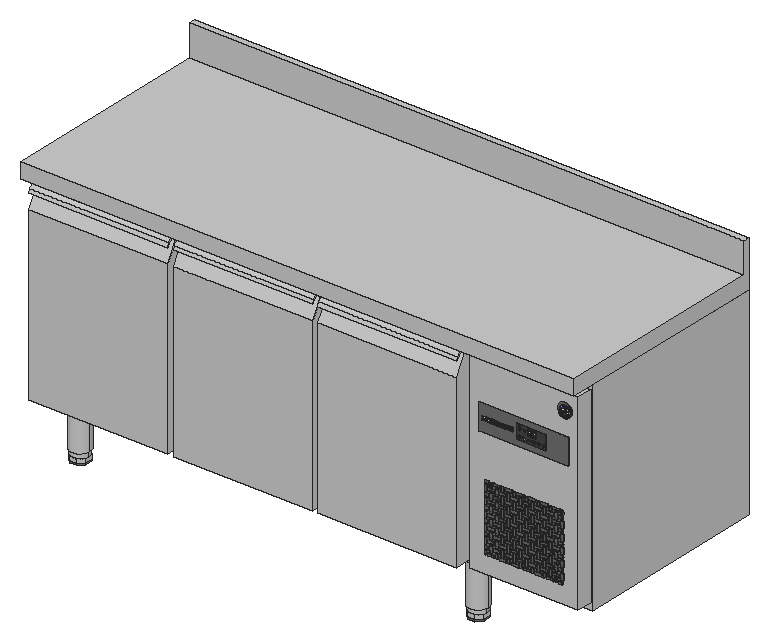
Revit family "QF_HOSHIZAKI_899020844", category Specialty Equipment, Revit 2016
Family settings
  Part Type = Normal
  Round Connector Dimension = Use Diameter
  OmniClass Number = 23.40.40.14
  OmniClass Title = Food Service Equipment
  Work Plane-Based = No
  Always vertical = Yes
  Cut with Voids When Loaded = No
  Shared = No
  Room Calculation Point = No
Parameters (values of type "899020844_230V-1Ph-50Hz")
  Weight = 130.00 kg
  Volts = 230 V
  URL Cutsheet = ""
  URL = "www.hoshizaki-europe.com"
  Status [instance] = ""
  Specification by User [instance] = ""
  Specification by Manufacturer [instance] = ""
  Serial Number = ""
  Seismic Rating = ""
  SMACNA No = ""
  Revision Code [instance] = ""
  Phase = 1
  Number of Poles = 2
  NAFEM Spec ID Number = ""
  Model = "ACF-180DG-LRR-RRS-L1"
  Min Ckt Ampacity = 0 A
  Max Overcurrent Protection = 0 A
  Masterspec = ""
  Manufacturer = "HOSHIZAKI"
  Length Actual = 1780 mm
  Item Number [instance] = ""
  Installed By [instance] = ""
  Identify Quantity as Lot [instance] = no
  Height Actual = 850 mm
  HP power = ""
  Furnished By [instance] = ""
  Foodservice Equipment Identifier [instance] = yes
  FL Amps = 2.77 A
  Electric power = 639 W
  Electric Connection Type [instance] = ""
  Elec Conn RI Height [instance] = 0 mm
  Elec Conn Connection Height [instance] = 300 mm
  Description = "ADVANCE 3-SECTION 1/1 GN FREEZER COUNTER WITH 3 DOORS AND A FLAT WORKTOP WITH 100 MM SPLASHBACK"
  Depth Actual = 700 mm
  Cycle = 50 Hz
  Cost = 0
  Conn Plug = ""
  Conn Conduit = no
  CSI MasterFormat = ""
  Assembly Code = "E1090320"
  Apparent Power = 639 VA
  Accessory = no
Reference planes
  plane 1 "Center (Front/Back)": y = 0
  plane 2: z = 0
  plane 3 "Center (Left/Right)": x = 0
Forms (mm)
  Extrusion 1, solid, not visible
    sketch origin (1499, -17, 499) x (1, 0, 0) y (0, 1, 0)
      loop
        line (0, 0) -> (2, 0) -> (2, 2) -> (0, 2) -> (0, 0)
    from 0 to 2
Dimensions and locks
  aligned and locked: level to plane 2
Nested families
  nested 1: "QF_HOSHIZAKI_899020844_230V_1Ph_50Hz" at (0, 0, 200), type "899020844_230V/1Ph/50Hz"
    with Show Logo yes, Length Actual 1780 mm, Height Actual 650 mm, Depth Actual 700 mm, Compressor offset 1424 mm, Compressor location 1
  nested 2: "QF_HOSHIZAKI_ADVANCE_REF-COUNTER-WORKTOPS" at (0, 0, 850), type "760660205"
    with Worktop thickness 50 mm, Length Actual 1780 mm, Depth Actual 700 mm, Backsplash thickness 20 mm, Backsplash height 100 mm
  nested 3: "QF_HOSHIZAKI_ADVANCE_REF-COUNTER-DOORS-DRAWERS" at (22, -700, 200), type "760660485-R"
    with Weight 0.00 kg, URL Cutsheet "", Status "", Specification by User "", Specification by Manufacturer "", Serial Number "", Seismic Rating "", Section size 446 mm, Section 1, SMACNA No "", Right hand hinged glass door no, Right hand hinged door no, Revision Code "", NAFEM Spec ID Number "", Masterspec "", Length Actual 0 mm, Left hand hinged glass door no, Left hand hinged door yes, Item Number "", Installed By "", Identify Quantity as Lot no, Height Actual 0 mm, Furnished By "", Foodservice Equipment Identifier no, Depth Actual 0 mm, CSI MasterFormat "", Accessory yes, 3 Drawers no, 2 Drawers 1-3 and 2-3 no, 2 Drawers no
  nested 4: "QF_HOSHIZAKI_ADVANCE_REF-COUNTER-DOORS-DRAWERS" at (488, -700, 200), type "760660485-R"
    with Weight 0.00 kg, URL Cutsheet "", Status "", Specification by User "", Specification by Manufacturer "", Serial Number "", Seismic Rating "", Section size 446 mm, Section 2, SMACNA No "", Right hand hinged glass door no, Right hand hinged door yes, Revision Code "", NAFEM Spec ID Number "", Masterspec "", Length Actual 0 mm, Left hand hinged glass door no, Left hand hinged door no, Item Number "", Installed By "", Identify Quantity as Lot no, Height Actual 0 mm, Furnished By "", Foodservice Equipment Identifier no, Depth Actual 0 mm, CSI MasterFormat "", Accessory yes, 3 Drawers no, 2 Drawers 1-3 and 2-3 no, 2 Drawers no
  nested 5: "QF_HOSHIZAKI_ADVANCE_REF-COUNTER-DOORS-DRAWERS" at (952, -700, 200), type "760660485-R"
    with Weight 0.00 kg, URL Cutsheet "", Status "", Specification by User "", Specification by Manufacturer "", Serial Number "", Seismic Rating "", Section size 446 mm, Section 2, SMACNA No "", Right hand hinged glass door no, Right hand hinged door yes, Revision Code "", NAFEM Spec ID Number "", Masterspec "", Length Actual 0 mm, Left hand hinged glass door no, Left hand hinged door no, Item Number "", Installed By "", Identify Quantity as Lot no, Height Actual 0 mm, Furnished By "", Foodservice Equipment Identifier no, Depth Actual 0 mm, CSI MasterFormat "", Accessory yes, 3 Drawers no, 2 Drawers 1-3 and 2-3 no, 2 Drawers no
  nested 6: "QF_HOSHIZAKI_ADVANCE_REF-COUNTER-LEGS" at (0, 0, 0), type "760660117-3"
    with Weight 0.00 kg, URL Cutsheet "", Status "", Specification by User "", Specification by Manufacturer "", Serial Number "", Seismic Rating "", SMACNA No "", Revision Code "", NAFEM Spec ID Number "", Masterspec "", Length Actual 1780 mm, Legs inset right 430 mm, Legs inset rear 70 mm, Legs inset left 70 mm, Legs inset front 153 mm, Item Number "", Installed By "", Identify Quantity as Lot no, Height Actual 200 mm, Furnished By "", Foodservice Equipment Identifier no, Depth Actual 700 mm, Central Legs no, CSI MasterFormat "", Accessory yes
Connectors
  electrical at (1500, -15, 500), driven by "Apparent Power", driven by "Number of Poles", driven by "Volts"
    settings: on Extrusion 1, index 1, voltage 230 V, apparent load 0 VA, apparent load phase1 639 VA, apparent load phase2 0 VA, apparent load phase3 0 VA, power factor 1, load classification "Other", number of poles 2, system type 31, power factor state 1, is connector primary yes, connector utility no, sub classification motor no, connector description "Electric connection for '899020844' [Plug not included]"
Definition of nested family "QF_HOSHIZAKI_899020844_230V_1Ph_50Hz"
  Parameters (values of type "899020844_230V/1Ph/50Hz")
    URL = "www.hoshizaki-europe.com"
    Show Logo [instance] = yes
    Model = "ACF-180DG-LRR-RRS-L1"
    Manufacturer = "HOSHIZAKI"
    Length Actual [instance] = 1780 mm
    Height Actual [instance] = 650 mm
    Description = "ADVANCE 3-SECTION 1/1 GN FREEZER COUNTER WITH 3 DOORS AND A FLAT WORKTOP WITH 100 MM SPLASHBACK"
    Depth Actual [instance] = 700 mm
    Compressor offset [instance] = if(Compressor location = 1, Length Actual - 356 mm, if(Compressor location = 2, 7 mm, Length Actual - 356 mm))  # 1424 mm
    Compressor location [instance] = 1
    Author = "SPECIFI"
    Assembly Code = "E1090320"
  Types (24, lengths in mm): name | Model | Length Actual | Description | Compressor offset
    899000840 | "ACF-130DG-LR-RRC-L1" | 1314 | "ADVANCE 2-SECTION 1/1 GN FREEZER COUNTER WITH 2 DOORS AND A FLAT WORKTOP" | 958
    899000844 | "ACF-130DG-LR-RRS-L1" | 1314 | "ADVANCE 2-SECTION 1/1 GN FREEZER COUNTER WITH 2 DOORS AND A FLAT WORKTOP WITH 100 MM SPLASHBACK" | 958
    899000861 | "ACF-130DG-LR-RRC-C1-U" | 1314 | "ADVANCE 2-SECTION 1/1 GN FREEZER COUNTER WITH 2 DOORS AND A FLAT WORKTOP" | 958
    899000865 | "ACF-130DG-LR-RRS-C1-U" | 1314 | "ADVANCE 2-SECTION 1/1 GN FREEZER COUNTER WITH 2 DOORS AND A FLAT WORKTOP WITH 100 MM SPLASHBACK" | 958
    899000842 | "ACF-130DG-LR-RRC-L2" | 1314 | "ADVANCE 2-SECTION 1/1 GN FREEZER COUNTER WITH 2 DOORS AND A FLAT WORKTOP" | 958
    899000846 | "ACF-130DG-LR-RRS-L2" | 1314 | "ADVANCE 2-SECTION 1/1 GN FREEZER COUNTER WITH 2 DOORS AND A FLAT WORKTOP WITH 100 MM SPLASHBACK" | 958
    899000822 | "ACF-130DG-LR-CRC-L2" | 1314 | "ADVANCE 2-SECTION 1/1 GN FREEZER COUNTER WITH 2 DOORS AND A FLAT WORKTOP" | 958
    899000826 | "ACF-130DG-LR-CRS-L2" | 1314 | "ADVANCE 2-SECTION 1/1 GN FREEZER COUNTER WITH 2 DOORS AND A FLAT WORKTOP WITH 100 MM SPLASHBACK" | 958
    899020840 | "ACF-180DG-LRR-RRC-L1" | 1780 | "ADVANCE 3-SECTION 1/1 GN FREEZER COUNTER WITH 3 DOORS AND A FLAT WORKTOP" | 1424
    899020844_230V/1Ph/50Hz | "ACF-180DG-LRR-RRS-L1" | 1780 | "ADVANCE 3-SECTION 1/1 GN FREEZER COUNTER WITH 3 DOORS AND A FLAT WORKTOP WITH 100 MM SPLASHBACK" | 1424
    899020861 | "ACF-180DG-LRR-RRC-C1-U" | 1780 | "ADVANCE 3-SECTION 1/1 GN FREEZER COUNTER WITH 3 DOORS AND A FLAT WORKTOP" | 1424
    899020865 | "ACF-180DG-LRR-RRS-C1-U" | 1780 | "ADVANCE 3-SECTION 1/1 GN FREEZER COUNTER WITH 3 DOORS AND A FLAT WORKTOP WITH 100 MM SPLASHBACK" | 1424
    899020842 | "ACF-180DG-LRR-RRC-L2" | 1780 | "ADVANCE 3-SECTION 1/1 GN FREEZER COUNTER WITH 3 DOORS AND A FLAT WORKTOP" | 1424
    899020846 | "ACF-180DG-LRR-RRS-L2" | 1780 | "ADVANCE 3-SECTION 1/1 GN FREEZER COUNTER WITH 3 DOORS AND A FLAT WORKTOP WITH 100 MM SPLASHBACK" | 1424
    899020823 | "ACF-180DG-LRR-CRC-L2" | 1780 | "ADVANCE 3-SECTION 1/1 GN FREEZER COUNTER WITH 3 DOORS AND A FLAT WORKTOP" | 1424
    899020827 | "ACF-180DG-LRR-CRS-L2" | 1780 | "ADVANCE 3-SECTION 1/1 GN FREEZER COUNTER WITH 3 DOORS AND A FLAT WORKTOP WITH 100 MM SPLASHBACK" | 1424
    899040840 | "ACF-225DG-LLRR-RRC-L1" | 2246 | "ADVANCE 4-SECTION 1/1 GN FREEZER COUNTER WITH 4 DOORS AND A FLAT WORKTOP" | 1890
    899040844 | "ACF-225DG-LLRR-RRS-L1" | 2246 | "ADVANCE 4-SECTION 1/1 GN FREEZER COUNTER WITH 4 DOORS AND A FLAT WORKTOP WITH 100 MM SPLASHBACK" | 1890
    899040861 | "ACF-225DG-LLRR-RRC-C1-U" | 2246 | "ADVANCE 4-SECTION 1/1 GN FREEZER COUNTER WITH 4 DOORS AND A FLAT WORKTOP" | 1890
    899040865 | "ACF-225DG-LLRR-RRS-C1-U" | 2246 | "ADVANCE 4-SECTION 1/1 GN FREEZER COUNTER WITH 4 DOORS AND A FLAT WORKTOP WITH 100 MM SPLASHBACK" | 1890
    899040842 | "ACF-225DG-LLRR-RRC-L2" | 2246 | "ADVANCE 4-SECTION 1/1 GN FREEZER COUNTER WITH 4 DOORS AND A FLAT WORKTOP" | 1890
    899040846 | "ACF-225DG-LLRR-RRS-L2" | 2246 | "ADVANCE 4-SECTION 1/1 GN FREEZER COUNTER WITH 4 DOORS AND A FLAT WORKTOP WITH 100 MM SPLASHBACK" | 1890
    899040822 | "ACF-225DG-LLRR-CRC-L2" | 2246 | "ADVANCE 4-SECTION 1/1 GN FREEZER COUNTER WITH 4 DOORS AND A FLAT WORKTOP" | 1890
    899040826 | "ACF-225DG-LLRR-CRS-L2" | 2246 | "ADVANCE 4-SECTION 1/1 GN FREEZER COUNTER WITH 4 DOORS AND A FLAT WORKTOP WITH 100 MM SPLASHBACK" | 1890
  Reference planes
    plane 1 "Back": y = 0
    plane 2: z = 0
    plane 3 "Left": x = 0
    plane 4 "Right": x = 1780
    plane 5 "Front": y = -700
    plane 6 "Top": z = 650
    plane 7 "Front legs": y = -624.512
    plane 8 "Compressor dimension": x = 1780
    plane 9 "Compressor offset": x = 1424
  Forms (mm)
    Extrusion 1, solid
      sketch origin (0, 0, 0) x (0, 1, 0) y (0, 0, 1)
        loop
          line (0, 650) -> (-624.512, 650) -> (-624.512, 0) -> (0, 0) -> (0, 650)
      from 0 to 1780
    Extrusion 2, solid
      sketch origin (1424, 0, 0) x (0, -1, 0) y (0, 0, 1)
        loop
          line (624.512, 634) -> (624.512, 20) -> (674.54, 20) -> (674.54, 634) -> (624.512, 634)
      from 0 to -349
  Lines and regions (mm)
    symbolic lines
      curve 1: line (0, 0, 650) -> (1780, 0, 650)
      curve 2: line (0, -700, 650) -> (0, 0, 650)
      curve 3: line (1780, -700, 650) -> (0, -700, 650)
      curve 4: line (1780, 0, 650) -> (1780, -700, 650)
  Dimensions and locks
    "Length Actual": plane 3 "Left" to plane 4 "Right"
    "Depth Actual": plane 5 "Front" to plane 1 "Back"
    plane 7 "Front legs" to plane 5 "Front" = 75.488 mm
    "Compressor offset": plane 3 "Left" to plane 9 "Compressor offset"
    locked: plane 9 "Compressor offset" to plane 8 "Compressor dimension" at 356
    plane 6 "Top" to level = 650 mm
    aligned and locked: level to plane 2
    aligned and locked: plane 1 "Back" to Extrusion 1 sketch curve
    aligned and locked: plane 7 "Front legs" to Extrusion 1 sketch curve
    aligned and locked: Extrusion 1 to plane 4 "Right"
    aligned and locked: plane 7 "Front legs" to Extrusion 2 sketch curve
    aligned and locked: nested 1 to plane 5 "Front"
    aligned and locked: nested 1 to plane 9 "Compressor offset"
    aligned and locked: Extrusion 1 sketch curve to plane 6 "Top"
    aligned and locked: plane 2 to Extrusion 1 sketch curve
    aligned and locked: plane 1 "Back" to curve 1
    aligned and locked: plane 5 "Front" to curve 3
    aligned and locked: plane 4 "Right" to curve 4
    aligned and locked: plane 3 "Left" to curve 2
  Automatic sketch dimensions
    plane 5 "Front" to Extrusion 2 sketch curve = 25.46 mm
    level to Extrusion 2 sketch curve = 20 mm
    Extrusion 2 sketch curve to plane 6 "Top" = 16 mm
  Nested families
    nested 1: "Control-panel" at (1424, -700, 0), Show Logo <- "Show Logo", type "Control-panel"
      with Show Logo yes
  Definition of nested family "Control-panel"
    Parameters (values of type "Control-panel")
      Show Logo [instance] = yes
    Reference planes
      plane 1 "Center (Front/Back)": y = 0
      plane 2: z = 0
      plane 3 "Center (Left/Right)": x = 0
      plane 4: z = 650
    Forms (mm)
      Extrusion 1, solid
        sketch origin (-3653, 19.5, -135) x (-1, 0, 0) y (0, 0, 1)
          loop
            arc (-3941, 426) -> (-3944.5, 422.5) -> (-3941, 419) r 3.5
            line (-3941, 419) -> (-3923, 419)
            arc (-3923, 419) -> (-3919.5, 422.5) -> (-3923, 426) r 3.5
            line (-3923, 426) -> (-3941, 426)
          loop
            arc (-3903, 426) -> (-3906.5, 422.5) -> (-3903, 419) r 3.5
            line (-3903, 419) -> (-3885, 419)
            arc (-3885, 419) -> (-3881.5, 422.5) -> (-3885, 426) r 3.5
            line (-3885, 426) -> (-3903, 426)
          loop
            arc (-3865, 426) -> (-3868.5, 422.5) -> (-3865, 419) r 3.5
            line (-3865, 419) -> (-3847, 419)
            arc (-3847, 419) -> (-3843.5, 422.5) -> (-3847, 426) r 3.5
            line (-3847, 426) -> (-3865, 426)
          loop
            arc (-3827, 426) -> (-3830.5, 422.5) -> (-3827, 419) r 3.5
            line (-3827, 419) -> (-3809, 419)
            arc (-3809, 419) -> (-3805.5, 422.5) -> (-3809, 426) r 3.5
            line (-3809, 426) -> (-3827, 426)
          loop
            arc (-3789, 426) -> (-3792.5, 422.5) -> (-3789, 419) r 3.5
            line (-3789, 419) -> (-3771, 419)
            arc (-3771, 419) -> (-3767.5, 422.5) -> (-3771, 426) r 3.5
            line (-3771, 426) -> (-3789, 426)
          loop
            arc (-3751, 426) -> (-3754.5, 422.5) -> (-3751, 419) r 3.5
            line (-3751, 419) -> (-3733, 419)
            arc (-3733, 419) -> (-3729.5, 422.5) -> (-3733, 426) r 3.5
            line (-3733, 426) -> (-3751, 426)
          loop
            arc (-3713, 426) -> (-3716.5, 422.5) -> (-3713, 419) r 3.5
            line (-3713, 419) -> (-3704, 419)
            arc (-3704, 419) -> (-3700.5, 422.5) -> (-3704, 426) r 3.5
            line (-3704, 426) -> (-3713, 426)
          loop
            arc (-3948, 422) -> (-3951, 425) -> (-3954, 422) r 3
            line (-3954, 422) -> (-3954, 413)
            arc (-3954, 413) -> (-3951, 410) -> (-3948, 413) r 3
            line (-3948, 413) -> (-3948, 422)
          loop
            line (-3938.025, 416.51) -> (-3945.025, 416.51) -> (-3945.025, 409.51) -> (-3938.025, 409.51) -> (-3938.025, 416.51)
          loop
            line (-3919.025, 416.51) -> (-3926.025, 416.51) -> (-3926.025, 409.51) -> (-3919.025, 409.51) -> (-3919.025, 416.51)
          loop
            arc (-3910, 422) -> (-3913, 425) -> (-3916, 422) r 3
            line (-3916, 422) -> (-3916, 413)
            arc (-3916, 413) -> (-3913, 410) -> (-3910, 413) r 3
            line (-3910, 413) -> (-3910, 422)
          loop
            line (-3900.025, 416.51) -> (-3907.025, 416.51) -> (-3907.025, 409.51) -> (-3900.025, 409.51) -> (-3900.025, 416.51)
          loop
            line (-3881.025, 416.51) -> (-3888.025, 416.51) -> (-3888.025, 409.51) -> (-3881.025, 409.51) -> (-3881.025, 416.51)
          loop
            arc (-3872, 422) -> (-3875, 425) -> (-3878, 422) r 3
            line (-3878, 422) -> (-3878, 413)
            arc (-3878, 413) -> (-3875, 410) -> (-3872, 413) r 3
            line (-3872, 413) -> (-3872, 422)
          loop
            line (-3862.025, 416.51) -> (-3869.025, 416.51) -> (-3869.025, 409.51) -> (-3862.025, 409.51) -> (-3862.025, 416.51)
          loop
            line (-3843.025, 416.51) -> (-3850.025, 416.51) -> (-3850.025, 409.51) -> (-3843.025, 409.51) -> (-3843.025, 416.51)
          loop
            arc (-3834, 422) -> (-3837, 425) -> (-3840, 422) r 3
            line (-3840, 422) -> (-3840, 413)
            arc (-3840, 413) -> (-3837, 410) -> (-3834, 413) r 3
            line (-3834, 413) -> (-3834, 422)
          loop
            line (-3824.025, 416.51) -> (-3831.025, 416.51) -> (-3831.025, 409.51) -> (-3824.025, 409.51) -> (-3824.025, 416.51)
          loop
            line (-3805.025, 416.51) -> (-3812.025, 416.51) -> (-3812.025, 409.51) -> (-3805.025, 409.51) -> (-3805.025, 416.51)
          loop
            arc (-3796, 422) -> (-3799, 425) -> (-3802, 422) r 3
            line (-3802, 422) -> (-3802, 413)
            arc (-3802, 413) -> (-3799, 410) -> (-3796, 413) r 3
            line (-3796, 413) -> (-3796, 422)
          loop
            line (-3786.025, 416.51) -> (-3793.025, 416.51) -> (-3793.025, 409.51) -> (-3786.025, 409.51) -> (-3786.025, 416.51)
          loop
            line (-3767.025, 416.51) -> (-3774.025, 416.51) -> (-3774.025, 409.51) -> (-3767.025, 409.51) -> (-3767.025, 416.51)
          loop
            arc (-3758, 422) -> (-3761, 425) -> (-3764, 422) r 3
            line (-3764, 422) -> (-3764, 413)
            arc (-3764, 413) -> (-3761, 410) -> (-3758, 413) r 3
            line (-3758, 413) -> (-3758, 422)
          loop
            line (-3748.025, 416.51) -> (-3755.025, 416.51) -> (-3755.025, 409.51) -> (-3748.025, 409.51) -> (-3748.025, 416.51)
          loop
            line (-3729.025, 416.51) -> (-3736.025, 416.51) -> (-3736.025, 409.51) -> (-3729.025, 409.51) -> (-3729.025, 416.51)
          loop
            arc (-3720, 422) -> (-3723, 425) -> (-3726, 422) r 3
            line (-3726, 422) -> (-3726, 413)
            arc (-3726, 413) -> (-3723, 410) -> (-3720, 413) r 3
            line (-3720, 413) -> (-3720, 422)
          loop
            line (-3710.025, 416.51) -> (-3717.025, 416.51) -> (-3717.025, 409.51) -> (-3710.025, 409.51) -> (-3710.025, 416.51)
          loop
            line (-3935.5, 412.5) -> (-3935.5, 394.5)
            arc (-3935.5, 394.5) -> (-3932, 391) -> (-3928.5, 394.5) r 3.5
            line (-3928.5, 394.5) -> (-3928.5, 412.5)
            arc (-3928.5, 412.5) -> (-3932, 416) -> (-3935.5, 412.5) r 3.5
          loop
            line (-3897.5, 412.5) -> (-3897.5, 394.5)
            arc (-3897.5, 394.5) -> (-3894, 391) -> (-3890.5, 394.5) r 3.5
            line (-3890.5, 394.5) -> (-3890.5, 412.5)
            arc (-3890.5, 412.5) -> (-3894, 416) -> (-3897.5, 412.5) r 3.5
          loop
            line (-3859.5, 412.5) -> (-3859.5, 394.5)
            arc (-3859.5, 394.5) -> (-3856, 391) -> (-3852.5, 394.5) r 3.5
            line (-3852.5, 394.5) -> (-3852.5, 412.5)
            arc (-3852.5, 412.5) -> (-3856, 416) -> (-3859.5, 412.5) r 3.5
          loop
            line (-3821.5, 412.5) -> (-3821.5, 394.5)
            arc (-3821.5, 394.5) -> (-3818, 391) -> (-3814.5, 394.5) r 3.5
            line (-3814.5, 394.5) -> (-3814.5, 412.5)
            arc (-3814.5, 412.5) -> (-3818, 416) -> (-3821.5, 412.5) r 3.5
          loop
            line (-3783.5, 412.5) -> (-3783.5, 394.5)
            arc (-3783.5, 394.5) -> (-3780, 391) -> (-3776.5, 394.5) r 3.5
            line (-3776.5, 394.5) -> (-3776.5, 412.5)
            arc (-3776.5, 412.5) -> (-3780, 416) -> (-3783.5, 412.5) r 3.5
          loop
            line (-3745.5, 412.5) -> (-3745.5, 394.5)
            arc (-3745.5, 394.5) -> (-3742, 391) -> (-3738.5, 394.5) r 3.5
            line (-3738.5, 394.5) -> (-3738.5, 412.5)
            arc (-3738.5, 412.5) -> (-3742, 416) -> (-3745.5, 412.5) r 3.5
          loop
            line (-3707.5, 412.5) -> (-3707.5, 394.5)
            arc (-3707.5, 394.5) -> (-3704, 391) -> (-3700.5, 394.5) r 3.5
            line (-3700.5, 394.5) -> (-3700.5, 412.5)
            arc (-3700.5, 412.5) -> (-3704, 416) -> (-3707.5, 412.5) r 3.5
          loop
            arc (-3922, 407) -> (-3925.5, 403.5) -> (-3922, 400) r 3.5
            line (-3922, 400) -> (-3904, 400)
            arc (-3904, 400) -> (-3900.5, 403.5) -> (-3904, 407) r 3.5
            line (-3904, 407) -> (-3922, 407)
          loop
            arc (-3884, 407) -> (-3887.5, 403.5) -> (-3884, 400) r 3.5
            line (-3884, 400) -> (-3866, 400)
            arc (-3866, 400) -> (-3862.5, 403.5) -> (-3866, 407) r 3.5
            line (-3866, 407) -> (-3884, 407)
          loop
            arc (-3846, 407) -> (-3849.5, 403.5) -> (-3846, 400) r 3.5
            line (-3846, 400) -> (-3828, 400)
            arc (-3828, 400) -> (-3824.5, 403.5) -> (-3828, 407) r 3.5
            line (-3828, 407) -> (-3846, 407)
          loop
            arc (-3808, 407) -> (-3811.5, 403.5) -> (-3808, 400) r 3.5
            line (-3808, 400) -> (-3790, 400)
            arc (-3790, 400) -> (-3786.5, 403.5) -> (-3790, 407) r 3.5
            line (-3790, 407) -> (-3808, 407)
          loop
            arc (-3770, 407) -> (-3773.5, 403.5) -> (-3770, 400) r 3.5
            line (-3770, 400) -> (-3752, 400)
            arc (-3752, 400) -> (-3748.5, 403.5) -> (-3752, 407) r 3.5
            line (-3752, 407) -> (-3770, 407)
          loop
            arc (-3732, 407) -> (-3735.5, 403.5) -> (-3732, 400) r 3.5
            line (-3732, 400) -> (-3714, 400)
            arc (-3714, 400) -> (-3710.5, 403.5) -> (-3714, 407) r 3.5
            line (-3714, 407) -> (-3732, 407)
          loop
            line (-3938.025, 390.49) -> (-3938.025, 397.49) -> (-3945.025, 397.49) -> (-3945.025, 390.49) -> (-3938.025, 390.49)
          loop
            line (-3919.025, 390.49) -> (-3919.025, 397.49) -> (-3926.025, 397.49) -> (-3926.025, 390.49) -> (-3919.025, 390.49)
          loop
            line (-3900.025, 390.49) -> (-3900.025, 397.49) -> (-3907.025, 397.49) -> (-3907.025, 390.49) -> (-3900.025, 390.49)
          loop
            line (-3881.025, 390.49) -> (-3881.025, 397.49) -> (-3888.025, 397.49) -> (-3888.025, 390.49) -> (-3881.025, 390.49)
          loop
            line (-3862.025, 390.49) -> (-3862.025, 397.49) -> (-3869.025, 397.49) -> (-3869.025, 390.49) -> (-3862.025, 390.49)
          loop
            line (-3843.025, 390.49) -> (-3843.025, 397.49) -> (-3850.025, 397.49) -> (-3850.025, 390.49) -> (-3843.025, 390.49)
          loop
            line (-3824.025, 390.49) -> (-3824.025, 397.49) -> (-3831.025, 397.49) -> (-3831.025, 390.49) -> (-3824.025, 390.49)
          loop
            line (-3805.025, 390.49) -> (-3805.025, 397.49) -> (-3812.025, 397.49) -> (-3812.025, 390.49) -> (-3805.025, 390.49)
          loop
            line (-3786.025, 390.49) -> (-3786.025, 397.49) -> (-3793.025, 397.49) -> (-3793.025, 390.49) -> (-3786.025, 390.49)
          loop
            line (-3767.025, 390.49) -> (-3767.025, 397.49) -> (-3774.025, 397.49) -> (-3774.025, 390.49) -> (-3767.025, 390.49)
          loop
            line (-3748.025, 390.49) -> (-3748.025, 397.49) -> (-3755.025, 397.49) -> (-3755.025, 390.49) -> (-3748.025, 390.49)
          loop
            line (-3729.025, 390.49) -> (-3729.025, 397.49) -> (-3736.025, 397.49) -> (-3736.025, 390.49) -> (-3729.025, 390.49)
          loop
            line (-3710.025, 390.49) -> (-3710.025, 397.49) -> (-3717.025, 397.49) -> (-3717.025, 390.49) -> (-3710.025, 390.49)
          loop
            arc (-3719.5, 393.5) -> (-3723, 397) -> (-3726.5, 393.5) r 3.5
            line (-3726.5, 393.5) -> (-3726.5, 375.5)
            arc (-3726.5, 375.5) -> (-3723, 372) -> (-3719.5, 375.5) r 3.5
            line (-3719.5, 375.5) -> (-3719.5, 393.5)
          loop
            arc (-3757.5, 393.5) -> (-3761, 397) -> (-3764.5, 393.5) r 3.5
            line (-3764.5, 393.5) -> (-3764.5, 375.5)
            arc (-3764.5, 375.5) -> (-3761, 372) -> (-3757.5, 375.5) r 3.5
            line (-3757.5, 375.5) -> (-3757.5, 393.5)
          loop
            arc (-3795.5, 393.5) -> (-3799, 397) -> (-3802.5, 393.5) r 3.5
            line (-3802.5, 393.5) -> (-3802.5, 375.5)
            arc (-3802.5, 375.5) -> (-3799, 372) -> (-3795.5, 375.5) r 3.5
            line (-3795.5, 375.5) -> (-3795.5, 393.5)
          loop
            arc (-3833.5, 393.5) -> (-3837, 397) -> (-3840.5, 393.5) r 3.5
            line (-3840.5, 393.5) -> (-3840.5, 375.5)
            arc (-3840.5, 375.5) -> (-3837, 372) -> (-3833.5, 375.5) r 3.5
            line (-3833.5, 375.5) -> (-3833.5, 393.5)
          loop
            arc (-3871.5, 393.5) -> (-3875, 397) -> (-3878.5, 393.5) r 3.5
            line (-3878.5, 393.5) -> (-3878.5, 375.5)
            arc (-3878.5, 375.5) -> (-3875, 372) -> (-3871.5, 375.5) r 3.5
            line (-3871.5, 375.5) -> (-3871.5, 393.5)
          loop
            arc (-3909.5, 393.5) -> (-3913, 397) -> (-3916.5, 393.5) r 3.5
            line (-3916.5, 393.5) -> (-3916.5, 375.5)
            arc (-3916.5, 375.5) -> (-3913, 372) -> (-3909.5, 375.5) r 3.5
            line (-3909.5, 375.5) -> (-3909.5, 393.5)
          loop
            arc (-3951, 406.5) -> (-3954, 403.5) -> (-3951, 400.5) r 3
            line (-3951, 400.5) -> (-3942, 400.5)
            arc (-3942, 400.5) -> (-3939, 403.5) -> (-3942, 406.5) r 3
            line (-3942, 406.5) -> (-3951, 406.5)
          loop
            arc (-3947.5, 393.5) -> (-3951, 397) -> (-3954.5, 393.5) r 3.5
            line (-3954.5, 393.5) -> (-3954.5, 375.5)
            arc (-3954.5, 375.5) -> (-3951, 372) -> (-3947.5, 375.5) r 3.5
            line (-3947.5, 375.5) -> (-3947.5, 393.5)
          loop
            arc (-3941, 388.51) -> (-3944.5, 385.01) -> (-3941, 381.51) r 3.5
            line (-3941, 381.51) -> (-3923, 381.51)
            arc (-3923, 381.51) -> (-3919.5, 385.01) -> (-3923, 388.51) r 3.5
            line (-3923, 388.51) -> (-3941, 388.51)
          loop
            arc (-3903, 388.51) -> (-3906.5, 385.01) -> (-3903, 381.51) r 3.5
            line (-3903, 381.51) -> (-3885, 381.51)
            arc (-3885, 381.51) -> (-3881.5, 385.01) -> (-3885, 388.51) r 3.5
            line (-3885, 388.51) -> (-3903, 388.51)
          loop
            arc (-3865, 388.51) -> (-3868.5, 385.01) -> (-3865, 381.51) r 3.5
            line (-3865, 381.51) -> (-3847, 381.51)
            arc (-3847, 381.51) -> (-3843.5, 385.01) -> (-3847, 388.51) r 3.5
            line (-3847, 388.51) -> (-3865, 388.51)
          loop
            arc (-3827, 388.51) -> (-3830.5, 385.01) -> (-3827, 381.51) r 3.5
            line (-3827, 381.51) -> (-3809, 381.51)
            arc (-3809, 381.51) -> (-3805.5, 385.01) -> (-3809, 388.51) r 3.5
            line (-3809, 388.51) -> (-3827, 388.51)
          loop
            arc (-3789, 388.51) -> (-3792.5, 385.01) -> (-3789, 381.51) r 3.5
            line (-3789, 381.51) -> (-3771, 381.51)
            arc (-3771, 381.51) -> (-3767.5, 385.01) -> (-3771, 388.51) r 3.5
            line (-3771, 388.51) -> (-3789, 388.51)
          loop
            arc (-3751, 388.51) -> (-3754.5, 385.01) -> (-3751, 381.51) r 3.5
            line (-3751, 381.51) -> (-3733, 381.51)
            arc (-3733, 381.51) -> (-3729.5, 385.01) -> (-3733, 388.51) r 3.5
            line (-3733, 388.51) -> (-3751, 388.51)
          loop
            arc (-3713, 388.51) -> (-3716.5, 385.01) -> (-3713, 381.51) r 3.5
            line (-3713, 381.51) -> (-3704, 381.51)
            arc (-3704, 381.51) -> (-3700.5, 385.01) -> (-3704, 388.51) r 3.5
            line (-3704, 388.51) -> (-3713, 388.51)
          loop
            line (-3938.025, 379.02) -> (-3945.025, 379.02) -> (-3945.025, 372.02) -> (-3938.025, 372.02) -> (-3938.025, 379.02)
          loop
            line (-3919.025, 379.02) -> (-3926.025, 379.02) -> (-3926.025, 372.02) -> (-3919.025, 372.02) -> (-3919.025, 379.02)
          loop
            line (-3900.025, 379.02) -> (-3907.025, 379.02) -> (-3907.025, 372.02) -> (-3900.025, 372.02) -> (-3900.025, 379.02)
          loop
            line (-3881.025, 379.02) -> (-3888.025, 379.02) -> (-3888.025, 372.02) -> (-3881.025, 372.02) -> (-3881.025, 379.02)
          loop
            line (-3862.025, 379.02) -> (-3869.025, 379.02) -> (-3869.025, 372.02) -> (-3862.025, 372.02) -> (-3862.025, 379.02)
          loop
            line (-3843.025, 379.02) -> (-3850.025, 379.02) -> (-3850.025, 372.02) -> (-3843.025, 372.02) -> (-3843.025, 379.02)
          loop
            line (-3824.025, 379.02) -> (-3831.025, 379.02) -> (-3831.025, 372.02) -> (-3824.025, 372.02) -> (-3824.025, 379.02)
          loop
            line (-3805.025, 379.02) -> (-3812.025, 379.02) -> (-3812.025, 372.02) -> (-3805.025, 372.02) -> (-3805.025, 379.02)
          loop
            line (-3786.025, 379.02) -> (-3793.025, 379.02) -> (-3793.025, 372.02) -> (-3786.025, 372.02) -> (-3786.025, 379.02)
          loop
            line (-3767.025, 379.02) -> (-3774.025, 379.02) -> (-3774.025, 372.02) -> (-3767.025, 372.02) -> (-3767.025, 379.02)
          loop
            line (-3748.025, 379.02) -> (-3755.025, 379.02) -> (-3755.025, 372.02) -> (-3748.025, 372.02) -> (-3748.025, 379.02)
          loop
            line (-3729.025, 379.02) -> (-3736.025, 379.02) -> (-3736.025, 372.02) -> (-3729.025, 372.02) -> (-3729.025, 379.02)
          loop
            line (-3710.025, 379.02) -> (-3717.025, 379.02) -> (-3717.025, 372.02) -> (-3710.025, 372.02) -> (-3710.025, 379.02)
          loop
            line (-3935.5, 375.01) -> (-3935.5, 357.01)
            arc (-3935.5, 357.01) -> (-3932, 353.51) -> (-3928.5, 357.01) r 3.5
            line (-3928.5, 357.01) -> (-3928.5, 375.01)
            arc (-3928.5, 375.01) -> (-3932, 378.51) -> (-3935.5, 375.01) r 3.5
          loop
            line (-3897.5, 375.01) -> (-3897.5, 357.01)
            arc (-3897.5, 357.01) -> (-3894, 353.51) -> (-3890.5, 357.01) r 3.5
            line (-3890.5, 357.01) -> (-3890.5, 375.01)
            arc (-3890.5, 375.01) -> (-3894, 378.51) -> (-3897.5, 375.01) r 3.5
          loop
            line (-3859.5, 375.01) -> (-3859.5, 357.01)
            arc (-3859.5, 357.01) -> (-3856, 353.51) -> (-3852.5, 357.01) r 3.5
            line (-3852.5, 357.01) -> (-3852.5, 375.01)
            arc (-3852.5, 375.01) -> (-3856, 378.51) -> (-3859.5, 375.01) r 3.5
          loop
            line (-3821.5, 375.01) -> (-3821.5, 357.01)
            arc (-3821.5, 357.01) -> (-3818, 353.51) -> (-3814.5, 357.01) r 3.5
            line (-3814.5, 357.01) -> (-3814.5, 375.01)
            arc (-3814.5, 375.01) -> (-3818, 378.51) -> (-3821.5, 375.01) r 3.5
          loop
            line (-3783.5, 375.01) -> (-3783.5, 357.01)
            arc (-3783.5, 357.01) -> (-3780, 353.51) -> (-3776.5, 357.01) r 3.5
            line (-3776.5, 357.01) -> (-3776.5, 375.01)
            arc (-3776.5, 375.01) -> (-3780, 378.51) -> (-3783.5, 375.01) r 3.5
          loop
            line (-3745.5, 375.01) -> (-3745.5, 357.01)
            arc (-3745.5, 357.01) -> (-3742, 353.51) -> (-3738.5, 357.01) r 3.5
            line (-3738.5, 357.01) -> (-3738.5, 375.01)
            arc (-3738.5, 375.01) -> (-3742, 378.51) -> (-3745.5, 375.01) r 3.5
          loop
            line (-3707.5, 375.01) -> (-3707.5, 357.01)
            arc (-3707.5, 357.01) -> (-3704, 353.51) -> (-3700.5, 357.01) r 3.5
            line (-3700.5, 357.01) -> (-3700.5, 375.01)
            arc (-3700.5, 375.01) -> (-3704, 378.51) -> (-3707.5, 375.01) r 3.5
          loop
            arc (-3922, 369.51) -> (-3925.5, 366.01) -> (-3922, 362.51) r 3.5
            line (-3922, 362.51) -> (-3904, 362.51)
            arc (-3904, 362.51) -> (-3900.5, 366.01) -> (-3904, 369.51) r 3.5
            line (-3904, 369.51) -> (-3922, 369.51)
          loop
            arc (-3884, 369.51) -> (-3887.5, 366.01) -> (-3884, 362.51) r 3.5
            line (-3884, 362.51) -> (-3866, 362.51)
            arc (-3866, 362.51) -> (-3862.5, 366.01) -> (-3866, 369.51) r 3.5
            line (-3866, 369.51) -> (-3884, 369.51)
          loop
            arc (-3846, 369.51) -> (-3849.5, 366.01) -> (-3846, 362.51) r 3.5
            line (-3846, 362.51) -> (-3828, 362.51)
            arc (-3828, 362.51) -> (-3824.5, 366.01) -> (-3828, 369.51) r 3.5
            line (-3828, 369.51) -> (-3846, 369.51)
          loop
            arc (-3808, 369.51) -> (-3811.5, 366.01) -> (-3808, 362.51) r 3.5
            line (-3808, 362.51) -> (-3790, 362.51)
            arc (-3790, 362.51) -> (-3786.5, 366.01) -> (-3790, 369.51) r 3.5
            line (-3790, 369.51) -> (-3808, 369.51)
          loop
            arc (-3770, 369.51) -> (-3773.5, 366.01) -> (-3770, 362.51) r 3.5
            line (-3770, 362.51) -> (-3752, 362.51)
            arc (-3752, 362.51) -> (-3748.5, 366.01) -> (-3752, 369.51) r 3.5
            line (-3752, 369.51) -> (-3770, 369.51)
          loop
            arc (-3732, 369.51) -> (-3735.5, 366.01) -> (-3732, 362.51) r 3.5
            line (-3732, 362.51) -> (-3714, 362.51)
            arc (-3714, 362.51) -> (-3710.5, 366.01) -> (-3714, 369.51) r 3.5
            line (-3714, 369.51) -> (-3732, 369.51)
          loop
            line (-3938.025, 353) -> (-3938.025, 360) -> (-3945.025, 360) -> (-3945.025, 353) -> (-3938.025, 353)
          loop
            line (-3919.025, 353) -> (-3919.025, 360) -> (-3926.025, 360) -> (-3926.025, 353) -> (-3919.025, 353)
          loop
            line (-3900.025, 353) -> (-3900.025, 360) -> (-3907.025, 360) -> (-3907.025, 353) -> (-3900.025, 353)
          loop
            line (-3881.025, 353) -> (-3881.025, 360) -> (-3888.025, 360) -> (-3888.025, 353) -> (-3881.025, 353)
          loop
            line (-3862.025, 353) -> (-3862.025, 360) -> (-3869.025, 360) -> (-3869.025, 353) -> (-3862.025, 353)
          loop
            line (-3843.025, 353) -> (-3843.025, 360) -> (-3850.025, 360) -> (-3850.025, 353) -> (-3843.025, 353)
          loop
            line (-3824.025, 353) -> (-3824.025, 360) -> (-3831.025, 360) -> (-3831.025, 353) -> (-3824.025, 353)
          loop
            line (-3805.025, 353) -> (-3805.025, 360) -> (-3812.025, 360) -> (-3812.025, 353) -> (-3805.025, 353)
          loop
            line (-3786.025, 353) -> (-3786.025, 360) -> (-3793.025, 360) -> (-3793.025, 353) -> (-3786.025, 353)
          loop
            line (-3767.025, 353) -> (-3767.025, 360) -> (-3774.025, 360) -> (-3774.025, 353) -> (-3767.025, 353)
          loop
            line (-3748.025, 353) -> (-3748.025, 360) -> (-3755.025, 360) -> (-3755.025, 353) -> (-3748.025, 353)
          loop
            line (-3729.025, 353) -> (-3729.025, 360) -> (-3736.025, 360) -> (-3736.025, 353) -> (-3729.025, 353)
          loop
            line (-3710.025, 353) -> (-3710.025, 360) -> (-3717.025, 360) -> (-3717.025, 353) -> (-3710.025, 353)
          loop
            arc (-3719.5, 356.01) -> (-3723, 359.51) -> (-3726.5, 356.01) r 3.5
            line (-3726.5, 356.01) -> (-3726.5, 338.01)
            arc (-3726.5, 338.01) -> (-3723, 334.51) -> (-3719.5, 338.01) r 3.5
            line (-3719.5, 338.01) -> (-3719.5, 356.01)
          loop
            arc (-3757.5, 356.01) -> (-3761, 359.51) -> (-3764.5, 356.01) r 3.5
            line (-3764.5, 356.01) -> (-3764.5, 338.01)
            arc (-3764.5, 338.01) -> (-3761, 334.51) -> (-3757.5, 338.01) r 3.5
            line (-3757.5, 338.01) -> (-3757.5, 356.01)
          loop
            arc (-3795.5, 356.01) -> (-3799, 359.51) -> (-3802.5, 356.01) r 3.5
            line (-3802.5, 356.01) -> (-3802.5, 338.01)
            arc (-3802.5, 338.01) -> (-3799, 334.51) -> (-3795.5, 338.01) r 3.5
            line (-3795.5, 338.01) -> (-3795.5, 356.01)
          loop
            arc (-3833.5, 356.01) -> (-3837, 359.51) -> (-3840.5, 356.01) r 3.5
            line (-3840.5, 356.01) -> (-3840.5, 338.01)
            arc (-3840.5, 338.01) -> (-3837, 334.51) -> (-3833.5, 338.01) r 3.5
            line (-3833.5, 338.01) -> (-3833.5, 356.01)
          loop
            arc (-3871.5, 356.01) -> (-3875, 359.51) -> (-3878.5, 356.01) r 3.5
            line (-3878.5, 356.01) -> (-3878.5, 338.01)
            arc (-3878.5, 338.01) -> (-3875, 334.51) -> (-3871.5, 338.01) r 3.5
            line (-3871.5, 338.01) -> (-3871.5, 356.01)
          loop
            arc (-3909.5, 356.01) -> (-3913, 359.51) -> (-3916.5, 356.01) r 3.5
            line (-3916.5, 356.01) -> (-3916.5, 338.01)
            arc (-3916.5, 338.01) -> (-3913, 334.51) -> (-3909.5, 338.01) r 3.5
            line (-3909.5, 338.01) -> (-3909.5, 356.01)
          loop
            arc (-3951, 369.01) -> (-3954, 366.01) -> (-3951, 363.01) r 3
            line (-3951, 363.01) -> (-3942, 363.01)
            arc (-3942, 363.01) -> (-3939, 366.01) -> (-3942, 369.01) r 3
            line (-3942, 369.01) -> (-3951, 369.01)
          loop
            arc (-3947.5, 356.01) -> (-3951, 359.51) -> (-3954.5, 356.01) r 3.5
            line (-3954.5, 356.01) -> (-3954.5, 338.01)
            arc (-3954.5, 338.01) -> (-3951, 334.51) -> (-3947.5, 338.01) r 3.5
            line (-3947.5, 338.01) -> (-3947.5, 356.01)
          loop
            arc (-3941, 350.486) -> (-3944.5, 346.986) -> (-3941, 343.486) r 3.5
            line (-3941, 343.486) -> (-3923, 343.486)
            arc (-3923, 343.486) -> (-3919.5, 346.986) -> (-3923, 350.486) r 3.5
            line (-3923, 350.486) -> (-3941, 350.486)
          loop
            arc (-3903, 350.486) -> (-3906.5, 346.986) -> (-3903, 343.486) r 3.5
            line (-3903, 343.486) -> (-3885, 343.486)
            arc (-3885, 343.486) -> (-3881.5, 346.986) -> (-3885, 350.486) r 3.5
            line (-3885, 350.486) -> (-3903, 350.486)
          loop
            arc (-3865, 350.486) -> (-3868.5, 346.986) -> (-3865, 343.486) r 3.5
            line (-3865, 343.486) -> (-3847, 343.486)
            arc (-3847, 343.486) -> (-3843.5, 346.986) -> (-3847, 350.486) r 3.5
            line (-3847, 350.486) -> (-3865, 350.486)
          loop
            arc (-3827, 350.486) -> (-3830.5, 346.986) -> (-3827, 343.486) r 3.5
            line (-3827, 343.486) -> (-3809, 343.486)
            arc (-3809, 343.486) -> (-3805.5, 346.986) -> (-3809, 350.486) r 3.5
            line (-3809, 350.486) -> (-3827, 350.486)
          loop
            arc (-3789, 350.486) -> (-3792.5, 346.986) -> (-3789, 343.486) r 3.5
            line (-3789, 343.486) -> (-3771, 343.486)
            arc (-3771, 343.486) -> (-3767.5, 346.986) -> (-3771, 350.486) r 3.5
            line (-3771, 350.486) -> (-3789, 350.486)
          loop
            arc (-3751, 350.486) -> (-3754.5, 346.986) -> (-3751, 343.486) r 3.5
            line (-3751, 343.486) -> (-3733, 343.486)
            arc (-3733, 343.486) -> (-3729.5, 346.986) -> (-3733, 350.486) r 3.5
            line (-3733, 350.486) -> (-3751, 350.486)
          loop
            arc (-3713, 350.486) -> (-3716.5, 346.986) -> (-3713, 343.486) r 3.5
            line (-3713, 343.486) -> (-3704, 343.486)
            arc (-3704, 343.486) -> (-3700.5, 346.986) -> (-3704, 350.486) r 3.5
            line (-3704, 350.486) -> (-3713, 350.486)
          loop
            line (-3938.025, 340.996) -> (-3945.025, 340.996) -> (-3945.025, 333.996) -> (-3938.025, 333.996) -> (-3938.025, 340.996)
          loop
            line (-3919.025, 340.996) -> (-3926.025, 340.996) -> (-3926.025, 333.996) -> (-3919.025, 333.996) -> (-3919.025, 340.996)
          loop
            line (-3900.025, 340.996) -> (-3907.025, 340.996) -> (-3907.025, 333.996) -> (-3900.025, 333.996) -> (-3900.025, 340.996)
          loop
            line (-3881.025, 340.996) -> (-3888.025, 340.996) -> (-3888.025, 333.996) -> (-3881.025, 333.996) -> (-3881.025, 340.996)
          loop
            line (-3862.025, 340.996) -> (-3869.025, 340.996) -> (-3869.025, 333.996) -> (-3862.025, 333.996) -> (-3862.025, 340.996)
          loop
            line (-3843.025, 340.996) -> (-3850.025, 340.996) -> (-3850.025, 333.996) -> (-3843.025, 333.996) -> (-3843.025, 340.996)
          loop
            line (-3824.025, 340.996) -> (-3831.025, 340.996) -> (-3831.025, 333.996) -> (-3824.025, 333.996) -> (-3824.025, 340.996)
          loop
            line (-3805.025, 340.996) -> (-3812.025, 340.996) -> (-3812.025, 333.996) -> (-3805.025, 333.996) -> (-3805.025, 340.996)
          loop
            line (-3786.025, 340.996) -> (-3793.025, 340.996) -> (-3793.025, 333.996) -> (-3786.025, 333.996) -> (-3786.025, 340.996)
          loop
            line (-3767.025, 340.996) -> (-3774.025, 340.996) -> (-3774.025, 333.996) -> (-3767.025, 333.996) -> (-3767.025, 340.996)
          loop
            line (-3748.025, 340.996) -> (-3755.025, 340.996) -> (-3755.025, 333.996) -> (-3748.025, 333.996) -> (-3748.025, 340.996)
          loop
            line (-3729.025, 340.996) -> (-3736.025, 340.996) -> (-3736.025, 333.996) -> (-3729.025, 333.996) -> (-3729.025, 340.996)
          loop
            line (-3710.025, 340.996) -> (-3717.025, 340.996) -> (-3717.025, 333.996) -> (-3710.025, 333.996) -> (-3710.025, 340.996)
          loop
            line (-3935.5, 336.986) -> (-3935.5, 318.986)
            arc (-3935.5, 318.986) -> (-3932, 315.486) -> (-3928.5, 318.986) r 3.5
            line (-3928.5, 318.986) -> (-3928.5, 336.986)
            arc (-3928.5, 336.986) -> (-3932, 340.486) -> (-3935.5, 336.986) r 3.5
          loop
            line (-3897.5, 336.986) -> (-3897.5, 318.986)
            arc (-3897.5, 318.986) -> (-3894, 315.486) -> (-3890.5, 318.986) r 3.5
            line (-3890.5, 318.986) -> (-3890.5, 336.986)
            arc (-3890.5, 336.986) -> (-3894, 340.486) -> (-3897.5, 336.986) r 3.5
          loop
            line (-3859.5, 336.986) -> (-3859.5, 318.986)
            arc (-3859.5, 318.986) -> (-3856, 315.486) -> (-3852.5, 318.986) r 3.5
            line (-3852.5, 318.986) -> (-3852.5, 336.986)
            arc (-3852.5, 336.986) -> (-3856, 340.486) -> (-3859.5, 336.986) r 3.5
          loop
            line (-3821.5, 336.986) -> (-3821.5, 318.986)
            arc (-3821.5, 318.986) -> (-3818, 315.486) -> (-3814.5, 318.986) r 3.5
            line (-3814.5, 318.986) -> (-3814.5, 336.986)
            arc (-3814.5, 336.986) -> (-3818, 340.486) -> (-3821.5, 336.986) r 3.5
          loop
            line (-3783.5, 336.986) -> (-3783.5, 318.986)
            arc (-3783.5, 318.986) -> (-3780, 315.486) -> (-3776.5, 318.986) r 3.5
            line (-3776.5, 318.986) -> (-3776.5, 336.986)
            arc (-3776.5, 336.986) -> (-3780, 340.486) -> (-3783.5, 336.986) r 3.5
          loop
            line (-3745.5, 336.986) -> (-3745.5, 318.986)
            arc (-3745.5, 318.986) -> (-3742, 315.486) -> (-3738.5, 318.986) r 3.5
            line (-3738.5, 318.986) -> (-3738.5, 336.986)
            arc (-3738.5, 336.986) -> (-3742, 340.486) -> (-3745.5, 336.986) r 3.5
          loop
            line (-3707.5, 336.986) -> (-3707.5, 318.986)
            arc (-3707.5, 318.986) -> (-3704, 315.486) -> (-3700.5, 318.986) r 3.5
            line (-3700.5, 318.986) -> (-3700.5, 336.986)
            arc (-3700.5, 336.986) -> (-3704, 340.486) -> (-3707.5, 336.986) r 3.5
          loop
            arc (-3922, 331.486) -> (-3925.5, 327.986) -> (-3922, 324.486) r 3.5
            line (-3922, 324.486) -> (-3904, 324.486)
            arc (-3904, 324.486) -> (-3900.5, 327.986) -> (-3904, 331.486) r 3.5
            line (-3904, 331.486) -> (-3922, 331.486)
          loop
            arc (-3884, 331.486) -> (-3887.5, 327.986) -> (-3884, 324.486) r 3.5
            line (-3884, 324.486) -> (-3866, 324.486)
            arc (-3866, 324.486) -> (-3862.5, 327.986) -> (-3866, 331.486) r 3.5
            line (-3866, 331.486) -> (-3884, 331.486)
          loop
            arc (-3846, 331.486) -> (-3849.5, 327.986) -> (-3846, 324.486) r 3.5
            line (-3846, 324.486) -> (-3828, 324.486)
            arc (-3828, 324.486) -> (-3824.5, 327.986) -> (-3828, 331.486) r 3.5
            line (-3828, 331.486) -> (-3846, 331.486)
          loop
            arc (-3808, 331.486) -> (-3811.5, 327.986) -> (-3808, 324.486) r 3.5
            line (-3808, 324.486) -> (-3790, 324.486)
            arc (-3790, 324.486) -> (-3786.5, 327.986) -> (-3790, 331.486) r 3.5
            line (-3790, 331.486) -> (-3808, 331.486)
          loop
            arc (-3770, 331.486) -> (-3773.5, 327.986) -> (-3770, 324.486) r 3.5
            line (-3770, 324.486) -> (-3752, 324.486)
            arc (-3752, 324.486) -> (-3748.5, 327.986) -> (-3752, 331.486) r 3.5
            line (-3752, 331.486) -> (-3770, 331.486)
          loop
            arc (-3732, 331.486) -> (-3735.5, 327.986) -> (-3732, 324.486) r 3.5
            line (-3732, 324.486) -> (-3714, 324.486)
            arc (-3714, 324.486) -> (-3710.5, 327.986) -> (-3714, 331.486) r 3.5
            line (-3714, 331.486) -> (-3732, 331.486)
          loop
            line (-3938.025, 314.976) -> (-3938.025, 321.976) -> (-3945.025, 321.976) -> (-3945.025, 314.976) -> (-3938.025, 314.976)
          loop
            line (-3919.025, 314.976) -> (-3919.025, 321.976) -> (-3926.025, 321.976) -> (-3926.025, 314.976) -> (-3919.025, 314.976)
          loop
            line (-3900.025, 314.976) -> (-3900.025, 321.976) -> (-3907.025, 321.976) -> (-3907.025, 314.976) -> (-3900.025, 314.976)
          loop
            line (-3881.025, 314.976) -> (-3881.025, 321.976) -> (-3888.025, 321.976) -> (-3888.025, 314.976) -> (-3881.025, 314.976)
          loop
            line (-3862.025, 314.976) -> (-3862.025, 321.976) -> (-3869.025, 321.976) -> (-3869.025, 314.976) -> (-3862.025, 314.976)
          loop
            line (-3843.025, 314.976) -> (-3843.025, 321.976) -> (-3850.025, 321.976) -> (-3850.025, 314.976) -> (-3843.025, 314.976)
          loop
            line (-3824.025, 314.976) -> (-3824.025, 321.976) -> (-3831.025, 321.976) -> (-3831.025, 314.976) -> (-3824.025, 314.976)
          loop
            line (-3805.025, 314.976) -> (-3805.025, 321.976) -> (-3812.025, 321.976) -> (-3812.025, 314.976) -> (-3805.025, 314.976)
          loop
            line (-3786.025, 314.976) -> (-3786.025, 321.976) -> (-3793.025, 321.976) -> (-3793.025, 314.976) -> (-3786.025, 314.976)
          loop
            line (-3767.025, 314.976) -> (-3767.025, 321.976) -> (-3774.025, 321.976) -> (-3774.025, 314.976) -> (-3767.025, 314.976)
          loop
            line (-3748.025, 314.976) -> (-3748.025, 321.976) -> (-3755.025, 321.976) -> (-3755.025, 314.976) -> (-3748.025, 314.976)
          loop
            line (-3729.025, 314.976) -> (-3729.025, 321.976) -> (-3736.025, 321.976) -> (-3736.025, 314.976) -> (-3729.025, 314.976)
          loop
            line (-3710.025, 314.976) -> (-3710.025, 321.976) -> (-3717.025, 321.976) -> (-3717.025, 314.976) -> (-3710.025, 314.976)
          loop
            arc (-3719.5, 317.986) -> (-3723, 321.486) -> (-3726.5, 317.986) r 3.5
            line (-3726.5, 317.986) -> (-3726.5, 299.986)
            arc (-3726.5, 299.986) -> (-3723, 296.486) -> (-3719.5, 299.986) r 3.5
            line (-3719.5, 299.986) -> (-3719.5, 317.986)
          loop
            arc (-3757.5, 317.986) -> (-3761, 321.486) -> (-3764.5, 317.986) r 3.5
            line (-3764.5, 317.986) -> (-3764.5, 299.986)
            arc (-3764.5, 299.986) -> (-3761, 296.486) -> (-3757.5, 299.986) r 3.5
            line (-3757.5, 299.986) -> (-3757.5, 317.986)
          loop
            arc (-3795.5, 317.986) -> (-3799, 321.486) -> (-3802.5, 317.986) r 3.5
            line (-3802.5, 317.986) -> (-3802.5, 299.986)
            arc (-3802.5, 299.986) -> (-3799, 296.486) -> (-3795.5, 299.986) r 3.5
            line (-3795.5, 299.986) -> (-3795.5, 317.986)
          loop
            arc (-3833.5, 317.986) -> (-3837, 321.486) -> (-3840.5, 317.986) r 3.5
            line (-3840.5, 317.986) -> (-3840.5, 299.986)
            arc (-3840.5, 299.986) -> (-3837, 296.486) -> (-3833.5, 299.986) r 3.5
            line (-3833.5, 299.986) -> (-3833.5, 317.986)
          loop
            arc (-3871.5, 317.986) -> (-3875, 321.486) -> (-3878.5, 317.986) r 3.5
            line (-3878.5, 317.986) -> (-3878.5, 299.986)
            arc (-3878.5, 299.986) -> (-3875, 296.486) -> (-3871.5, 299.986) r 3.5
            line (-3871.5, 299.986) -> (-3871.5, 317.986)
          loop
            arc (-3909.5, 317.986) -> (-3913, 321.486) -> (-3916.5, 317.986) r 3.5
            line (-3916.5, 317.986) -> (-3916.5, 299.986)
            arc (-3916.5, 299.986) -> (-3913, 296.486) -> (-3909.5, 299.986) r 3.5
            line (-3909.5, 299.986) -> (-3909.5, 317.986)
          loop
            arc (-3951, 330.986) -> (-3954, 327.986) -> (-3951, 324.986) r 3
            line (-3951, 324.986) -> (-3942, 324.986)
            arc (-3942, 324.986) -> (-3939, 327.986) -> (-3942, 330.986) r 3
            line (-3942, 330.986) -> (-3951, 330.986)
          loop
            arc (-3947.5, 317.986) -> (-3951, 321.486) -> (-3954.5, 317.986) r 3.5
            line (-3954.5, 317.986) -> (-3954.5, 299.986)
            arc (-3954.5, 299.986) -> (-3951, 296.486) -> (-3947.5, 299.986) r 3.5
            line (-3947.5, 299.986) -> (-3947.5, 317.986)
          loop
            arc (-3941, 312.486) -> (-3944.5, 308.986) -> (-3941, 305.486) r 3.5
            line (-3941, 305.486) -> (-3923, 305.486)
            arc (-3923, 305.486) -> (-3919.5, 308.986) -> (-3923, 312.486) r 3.5
            line (-3923, 312.486) -> (-3941, 312.486)
          loop
            arc (-3903, 312.486) -> (-3906.5, 308.986) -> (-3903, 305.486) r 3.5
            line (-3903, 305.486) -> (-3885, 305.486)
            arc (-3885, 305.486) -> (-3881.5, 308.986) -> (-3885, 312.486) r 3.5
            line (-3885, 312.486) -> (-3903, 312.486)
          loop
            arc (-3865, 312.486) -> (-3868.5, 308.986) -> (-3865, 305.486) r 3.5
            line (-3865, 305.486) -> (-3847, 305.486)
            arc (-3847, 305.486) -> (-3843.5, 308.986) -> (-3847, 312.486) r 3.5
            line (-3847, 312.486) -> (-3865, 312.486)
          loop
            arc (-3827, 312.486) -> (-3830.5, 308.986) -> (-3827, 305.486) r 3.5
            line (-3827, 305.486) -> (-3809, 305.486)
            arc (-3809, 305.486) -> (-3805.5, 308.986) -> (-3809, 312.486) r 3.5
            line (-3809, 312.486) -> (-3827, 312.486)
          loop
            arc (-3789, 312.486) -> (-3792.5, 308.986) -> (-3789, 305.486) r 3.5
            line (-3789, 305.486) -> (-3771, 305.486)
            arc (-3771, 305.486) -> (-3767.5, 308.986) -> (-3771, 312.486) r 3.5
            line (-3771, 312.486) -> (-3789, 312.486)
          loop
            arc (-3751, 312.486) -> (-3754.5, 308.986) -> (-3751, 305.486) r 3.5
            line (-3751, 305.486) -> (-3733, 305.486)
            arc (-3733, 305.486) -> (-3729.5, 308.986) -> (-3733, 312.486) r 3.5
            line (-3733, 312.486) -> (-3751, 312.486)
          loop
            arc (-3713, 312.486) -> (-3716.5, 308.986) -> (-3713, 305.486) r 3.5
            line (-3713, 305.486) -> (-3704, 305.486)
            arc (-3704, 305.486) -> (-3700.5, 308.986) -> (-3704, 312.486) r 3.5
            line (-3704, 312.486) -> (-3713, 312.486)
          loop
            line (-3938.025, 302.996) -> (-3945.025, 302.996) -> (-3945.025, 295.996) -> (-3938.025, 295.996) -> (-3938.025, 302.996)
          loop
            line (-3919.025, 302.996) -> (-3926.025, 302.996) -> (-3926.025, 295.996) -> (-3919.025, 295.996) -> (-3919.025, 302.996)
          loop
            line (-3900.025, 302.996) -> (-3907.025, 302.996) -> (-3907.025, 295.996) -> (-3900.025, 295.996) -> (-3900.025, 302.996)
          loop
            line (-3881.025, 302.996) -> (-3888.025, 302.996) -> (-3888.025, 295.996) -> (-3881.025, 295.996) -> (-3881.025, 302.996)
          loop
            line (-3862.025, 302.996) -> (-3869.025, 302.996) -> (-3869.025, 295.996) -> (-3862.025, 295.996) -> (-3862.025, 302.996)
          loop
            line (-3843.025, 302.996) -> (-3850.025, 302.996) -> (-3850.025, 295.996) -> (-3843.025, 295.996) -> (-3843.025, 302.996)
          loop
            line (-3824.025, 302.996) -> (-3831.025, 302.996) -> (-3831.025, 295.996) -> (-3824.025, 295.996) -> (-3824.025, 302.996)
          loop
            line (-3805.025, 302.996) -> (-3812.025, 302.996) -> (-3812.025, 295.996) -> (-3805.025, 295.996) -> (-3805.025, 302.996)
          loop
            line (-3786.025, 302.996) -> (-3793.025, 302.996) -> (-3793.025, 295.996) -> (-3786.025, 295.996) -> (-3786.025, 302.996)
          loop
            line (-3767.025, 302.996) -> (-3774.025, 302.996) -> (-3774.025, 295.996) -> (-3767.025, 295.996) -> (-3767.025, 302.996)
          loop
            line (-3748.025, 302.996) -> (-3755.025, 302.996) -> (-3755.025, 295.996) -> (-3748.025, 295.996) -> (-3748.025, 302.996)
          loop
            line (-3729.025, 302.996) -> (-3736.025, 302.996) -> (-3736.025, 295.996) -> (-3729.025, 295.996) -> (-3729.025, 302.996)
          loop
            line (-3710.025, 302.996) -> (-3717.025, 302.996) -> (-3717.025, 295.996) -> (-3710.025, 295.996) -> (-3710.025, 302.996)
          loop
            line (-3935.5, 298.986) -> (-3935.5, 280.986)
            arc (-3935.5, 280.986) -> (-3932, 277.486) -> (-3928.5, 280.986) r 3.5
            line (-3928.5, 280.986) -> (-3928.5, 298.986)
            arc (-3928.5, 298.986) -> (-3932, 302.486) -> (-3935.5, 298.986) r 3.5
          loop
            line (-3897.5, 298.986) -> (-3897.5, 280.986)
            arc (-3897.5, 280.986) -> (-3894, 277.486) -> (-3890.5, 280.986) r 3.5
            line (-3890.5, 280.986) -> (-3890.5, 298.986)
            arc (-3890.5, 298.986) -> (-3894, 302.486) -> (-3897.5, 298.986) r 3.5
          loop
            line (-3859.5, 298.986) -> (-3859.5, 280.986)
            arc (-3859.5, 280.986) -> (-3856, 277.486) -> (-3852.5, 280.986) r 3.5
            line (-3852.5, 280.986) -> (-3852.5, 298.986)
            arc (-3852.5, 298.986) -> (-3856, 302.486) -> (-3859.5, 298.986) r 3.5
          loop
            line (-3821.5, 298.986) -> (-3821.5, 280.986)
            arc (-3821.5, 280.986) -> (-3818, 277.486) -> (-3814.5, 280.986) r 3.5
            line (-3814.5, 280.986) -> (-3814.5, 298.986)
            arc (-3814.5, 298.986) -> (-3818, 302.486) -> (-3821.5, 298.986) r 3.5
          loop
            line (-3783.5, 298.986) -> (-3783.5, 280.986)
            arc (-3783.5, 280.986) -> (-3780, 277.486) -> (-3776.5, 280.986) r 3.5
            line (-3776.5, 280.986) -> (-3776.5, 298.986)
            arc (-3776.5, 298.986) -> (-3780, 302.486) -> (-3783.5, 298.986) r 3.5
          loop
            line (-3745.5, 298.986) -> (-3745.5, 280.986)
            arc (-3745.5, 280.986) -> (-3742, 277.486) -> (-3738.5, 280.986) r 3.5
            line (-3738.5, 280.986) -> (-3738.5, 298.986)
            arc (-3738.5, 298.986) -> (-3742, 302.486) -> (-3745.5, 298.986) r 3.5
          loop
            line (-3707.5, 298.986) -> (-3707.5, 280.986)
            arc (-3707.5, 280.986) -> (-3704, 277.486) -> (-3700.5, 280.986) r 3.5
            line (-3700.5, 280.986) -> (-3700.5, 298.986)
            arc (-3700.5, 298.986) -> (-3704, 302.486) -> (-3707.5, 298.986) r 3.5
          loop
            arc (-3922, 293.486) -> (-3925.5, 289.986) -> (-3922, 286.486) r 3.5
            line (-3922, 286.486) -> (-3904, 286.486)
            arc (-3904, 286.486) -> (-3900.5, 289.986) -> (-3904, 293.486) r 3.5
            line (-3904, 293.486) -> (-3922, 293.486)
          loop
            arc (-3884, 293.486) -> (-3887.5, 289.986) -> (-3884, 286.486) r 3.5
            line (-3884, 286.486) -> (-3866, 286.486)
            arc (-3866, 286.486) -> (-3862.5, 289.986) -> (-3866, 293.486) r 3.5
            line (-3866, 293.486) -> (-3884, 293.486)
          loop
            arc (-3846, 293.486) -> (-3849.5, 289.986) -> (-3846, 286.486) r 3.5
            line (-3846, 286.486) -> (-3828, 286.486)
            arc (-3828, 286.486) -> (-3824.5, 289.986) -> (-3828, 293.486) r 3.5
            line (-3828, 293.486) -> (-3846, 293.486)
          loop
            arc (-3808, 293.486) -> (-3811.5, 289.986) -> (-3808, 286.486) r 3.5
            line (-3808, 286.486) -> (-3790, 286.486)
            arc (-3790, 286.486) -> (-3786.5, 289.986) -> (-3790, 293.486) r 3.5
            line (-3790, 293.486) -> (-3808, 293.486)
          loop
            arc (-3770, 293.486) -> (-3773.5, 289.986) -> (-3770, 286.486) r 3.5
            line (-3770, 286.486) -> (-3752, 286.486)
            arc (-3752, 286.486) -> (-3748.5, 289.986) -> (-3752, 293.486) r 3.5
            line (-3752, 293.486) -> (-3770, 293.486)
          loop
            arc (-3732, 293.486) -> (-3735.5, 289.986) -> (-3732, 286.486) r 3.5
            line (-3732, 286.486) -> (-3714, 286.486)
            arc (-3714, 286.486) -> (-3710.5, 289.986) -> (-3714, 293.486) r 3.5
            line (-3714, 293.486) -> (-3732, 293.486)
          loop
            line (-3938.025, 276.976) -> (-3938.025, 283.976) -> (-3945.025, 283.976) -> (-3945.025, 276.976) -> (-3938.025, 276.976)
          loop
            line (-3919.025, 276.976) -> (-3919.025, 283.976) -> (-3926.025, 283.976) -> (-3926.025, 276.976) -> (-3919.025, 276.976)
          loop
            line (-3900.025, 276.976) -> (-3900.025, 283.976) -> (-3907.025, 283.976) -> (-3907.025, 276.976) -> (-3900.025, 276.976)
          loop
            line (-3881.025, 276.976) -> (-3881.025, 283.976) -> (-3888.025, 283.976) -> (-3888.025, 276.976) -> (-3881.025, 276.976)
          loop
            line (-3862.025, 276.976) -> (-3862.025, 283.976) -> (-3869.025, 283.976) -> (-3869.025, 276.976) -> (-3862.025, 276.976)
          loop
            line (-3843.025, 276.976) -> (-3843.025, 283.976) -> (-3850.025, 283.976) -> (-3850.025, 276.976) -> (-3843.025, 276.976)
